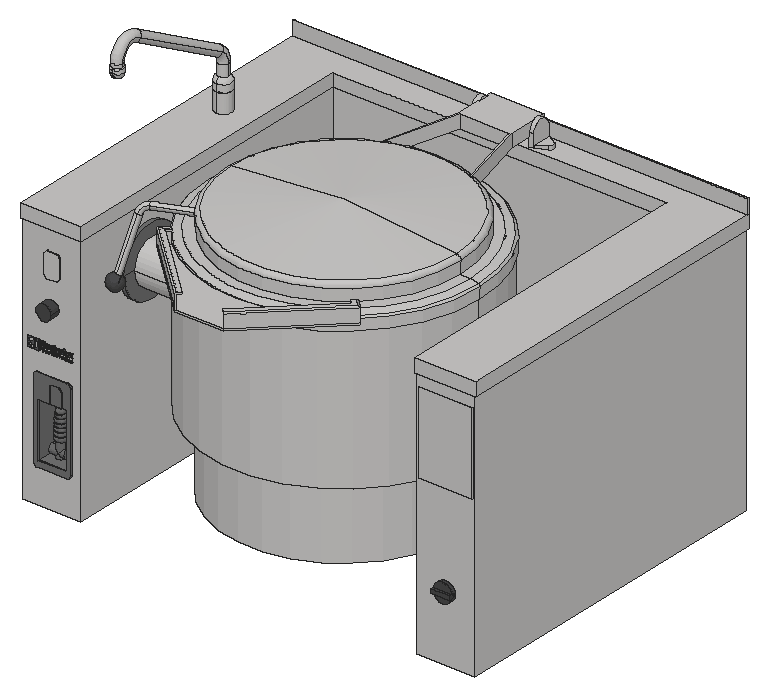
Revit family "QF_ELECTROLUXPROFESSIONAL_586941_PBOT10RLES", category Specialty Equipment, Revit 2018 (continued)
Automatic sketch dimensions
  Extrusion 23 sketch curve to Extrusion 23 sketch curve = 2.967 mm
  Extrusion 23 sketch curve to Extrusion 23 sketch curve = 1.662 mm
  Extrusion 23 sketch curve to Extrusion 23 sketch curve = 1.626 mm  (x3)
  Extrusion 23 sketch curve to Extrusion 23 sketch curve = 1.65 mm
  Extrusion 23 sketch curve to Extrusion 23 sketch curve = 1.192 mm
  Extrusion 23 sketch curve to Extrusion 23 sketch curve = 2.57 mm  (x2)
  Extrusion 23 sketch curve to Extrusion 23 sketch curve = 3.444 mm  (x2)
  Extrusion 23 sketch curve to Extrusion 23 sketch curve = 1.343 mm  (x2)
  Extrusion 23 sketch curve to Extrusion 23 sketch curve = 1.353 mm  (x2)
  Extrusion 23 sketch curve to Extrusion 23 sketch curve = 0.027 mm  (x2)
  Extrusion 23 sketch curve to Extrusion 23 sketch curve = 0.395 mm  (x2)
  Extrusion 23 sketch curve to Extrusion 23 sketch curve = 0.329 mm  (x2)
  Extrusion 23 sketch curve to Extrusion 23 sketch curve = 0.425 mm  (x2)
  Extrusion 23 sketch curve to Extrusion 23 sketch curve = 0.051 mm  (x2)
  Extrusion 23 sketch curve to Extrusion 23 sketch curve = 0.495 mm  (x2)
  Extrusion 23 sketch curve to Extrusion 23 sketch curve = 0.267 mm  (x2)
  Extrusion 23 sketch curve to Extrusion 23 sketch curve = 1.4 mm
  Extrusion 23 sketch curve to Extrusion 23 sketch curve = 5.233 mm
  Extrusion 23 sketch curve to Extrusion 23 sketch curve = 2.062 mm
  plane 3 "LEFT" to Extrusion 24 sketch curve = 43.4 mm
  Extrusion 24 sketch curve to Extrusion 24 sketch curve = 82 mm
  plane 7 to Extrusion 24 sketch curve = 105.944 mm
  Extrusion 24 sketch curve to Extrusion 24 sketch curve = 195 mm
  radius of Extrusion 4 sketch curve = 10 mm
  radius of Extrusion 15 sketch curve = 25 mm
  radius of curve 38 = 25 mm
  radius of Extrusion 17 sketch curve = 20 mm
  radius of Extrusion 20 sketch curve = 6.35 mm  (x2)
  radius of Extrusion 23 sketch curve = 2.453 mm
  radius of Extrusion 23 sketch curve = 1.557 mm
  radius of Extrusion 23 sketch curve = 1.468 mm
  radius of Extrusion 23 sketch curve = 2.451 mm
Nested families
  nested 1: "Electrolux_Handle" at (324.646, -653.285, 8.398) x (0.9205, 0.3907, 0) z (0, 0, 1), type "Family1"
  nested 2: "QF_ELECTROLUXPROFESSIONAL_RubSprint" at (80, -230.346, 900), type "QF_ELECTROLUXPROFESSIONAL_RubSprint"
  nested 3: "QF_ELECTROLUXPROFESSIONAL_SprayGun" at (80.4, -737, 291.944), type "QF_ELECTROLUXPROFESSIONAL_SprayGun"
Connectors
  piping at (110.571, 100, 395), diameter 12.7
    settings: on Extrusion 20, index 1, connector inside diameter 1/2", connector length 0 mm, flow factor 0, pipe flow 0 GPM, pressure drop 0.00 psi, fitting loss kfactor 0, connector angle 0.00°, fixture units 0, engagement length 0 mm, angle of deflection 0.00°, flow configuration 1, flow direction 1, fitting loss method 0, system type 20, joint type 0, gender type 0, connector reference index -1, connector utility 0, adjustable connector no, is connector primary yes, connector description "Cold Water Inlet"
  piping at (50, 100, 395), diameter 12.7
    settings: on Extrusion 20, index 2, connector inside diameter 1/2", connector length 0 mm, flow factor 0, pipe flow 0 GPM, pressure drop 0.00 psi, fitting loss kfactor 0, connector angle 0.00°, fixture units 0, engagement length 0 mm, angle of deflection 0.00°, flow configuration 1, flow direction 1, fitting loss method 0, system type 19, joint type 0, gender type 0, connector reference index -1, connector utility 0, adjustable connector no, is connector primary no, connector description "Hot Water Inlet"
  electrical at (1120, 100, 450), driven by "Volts"
    settings: on Extrusion 4, index 3, voltage 400 V, apparent load 18600 VA, apparent load phase1 0 VA, apparent load phase2 0 VA, apparent load phase3 0 VA, power factor 1, load classification "Other", number of poles 1, system type 30, power factor state 1, is connector primary yes, connector utility no, sub classification motor no, connector description "Electrical Connection"
Definition of nested family "Electrolux_Handle"
  Parameters
    Assembly Code = ""
  Reference planes
    plane 1 "Center (Front/Back)": y = 0
    plane 2: z = 0
    plane 3 "Center (Left/Right)": x = 0
  Forms (mm)
    Sweep 1, solid
      path origin (0, -272.67, 40.751) x (1, 0, 0) y (0, 0.292372, 0.956305)
        loop
          line (16.511, 924.614) -> (-78.489, 924.614)
          arc (-78.489, 924.614) -> (-94.127, 919.229) -> (-103.135, 905.359) r 25.4
          line (-103.135, 905.359) -> (-140.724, 754.597)
      profile origin (-30.989, -2.339, 924.963) x (0, -0.292372, -0.956305) y (0, -0.956305, 0.292372)
        loop
          circle (0, 0) r 8
    Revolve 2, solid
      sketch origin (0, -272.67, 40.751) x (1, 0, 0) y (0, 0.292372, 0.956305)
        loop
          arc (-160.764, 759.594) -> (-145.72, 734.557) -> (-120.683, 749.601) r 20.654
          line (-120.683, 749.601) -> (-160.764, 759.594)
        axis (-120.683, 749.601) -> (-160.764, 759.594)
      angle from 0 to 360
  Lines and regions (mm)
    symbolic lines
      curve 1: line (16.511, 5.661, 0) -> (-87.322, 5.661, 0)
      curve 2: line (16.511, -9.989, 0) -> (-86.193, -9.989, 0)
      curve 3: line (-133.697, -56.773, 0) -> (-97.513, -15.149, 0)
      curve 4: line (-146.568, -45.584, 0) -> (-111.666, -5.433, 0)
      curve 5: arc (-135.59, -32.955, 0) -> (-154.333, -67.194, 0) -> (-122.78, -44.215, 0) r 20
      curve 6: arc (-146.568, -45.584, 0) -> (-145.727, -57.614, 0) -> (-133.697, -56.773, 0) r 8.527
      curve 7: arc (-87.322, 5.661, 0) -> (-100.698, 2.757, 0) -> (-111.666, -5.433, 0) r 32.256
      curve 8: arc (-86.193, -9.989, 0) -> (-92.413, -11.34, 0) -> (-97.513, -15.149, 0) r 15
  Dimensions and locks
    aligned and locked: level to plane 2
    aligned and locked: Revolve 2 sketch curve to Sweep 1  (x2)
    aligned and locked: curve 1 to Sweep 1
    aligned and locked: Sweep 1 to curve 2
Definition of nested family "QF_ELECTROLUXPROFESSIONAL_RubSprint"
  Reference planes
    plane 1 "Center (Front/Back)": y = 0
    plane 2: z = 0
    plane 3 "Center (Left/Right)": x = 0
  Forms (mm)
    Revolve 1, solid
      sketch origin (0, 0, 0) x (0, 1, 0) y (0, 0, 1)
        loop
          line (-21, 0) -> (0, 0) -> (0, 82.75) -> (-14.385, 82.75)
          arc (-14.385, 82.75) -> (-19.409, 76.68) -> (-22.385, 69.383) r 26
          line (-22.385, 69.383) -> (-22.385, 51.306) -> (-21, 50.388) -> (-21, 0)
        axis (0, 82.75) -> (0, 0)
      angle from 0 to 360
    Sweep 2, solid
      path origin (0, 0, 0) x (0, 1, 0) y (0, 0, 1)
        loop
          line (0, 82.75) -> (0, 113.75)
          arc (0, 113.75) -> (-5.44, 133.889) -> (-20.279, 148.551) r 40
          line (-20.279, 148.551) -> (-290.279, 301.55)
          arc (-290.279, 301.55) -> (-330.139, 301.31) -> (-349.999, 266.749) r 40
          line (-349.999, 266.749) -> (-349.999, 257.884)
      profile origin (0, 0, 98.25) x (0, -1, 0) y (1, 0, 0)
        loop
          circle (0, 0) r 13.5
    Revolve 3, solid
      sketch origin (0, 0, 0) x (0, 1, 0) y (0, 0, 1)
        loop
          line (-333.717, 244.264) -> (-333.717, 254.236)
          arc (-333.717, 254.236) -> (-334.434, 255.758) -> (-335.779, 256.77) r 3.5
          line (-335.779, 256.77) -> (-336.499, 257.884) -> (-349.999, 257.884) -> (-349.999, 233.05) -> (-339.2, 233.05)
          arc (-339.2, 233.05) -> (-338.052, 233.411) -> (-337.32, 234.365) r 2
          line (-337.32, 234.365) -> (-333.717, 244.264)
        axis (-349.999, 257.884) -> (-349.999, 233.05)
      angle from 0 to 360
  Lines and regions (mm)
    symbolic lines
      curve 1: arc (-13.5, -17.856, 0) -> (0, 22.385, 0) -> (13.5, -17.856, 0) r 22.385
      curve 2: arc (-13.5, 0, 0) -> (0, 13.5, 0) -> (13.5, 0, 0) r 13.5
      curve 3: arc (-13.5, -349.999, 0) -> (0, -363.499, 0) -> (13.5, -349.999, 0) r 13.5
      curve 4: arc (-13.5, -340.897, 0) -> (0, -366.281, 0) -> (13.5, -340.897, 0) r 16.282
      curve 5: line (13.5, -349.999, 0) -> (13.5, 0, 0)
      curve 6: line (-13.5, -349.999, 0) -> (-13.5, 0, 0)
  Dimensions and locks
    aligned and locked: level to plane 2
Definition of nested family "QF_ELECTROLUXPROFESSIONAL_SprayGun"
  Reference planes
    plane 1 "Center (Front/Back)": y = 0
    plane 2: z = 0
    plane 3 "SGy": x = 13
    plane 4 "AxeZ": y = -45
    plane 5 "Center (Left/Right)": x = 4
    plane 6 "Center (Top/Right)": z = 112.5
  Forms (mm)
    Revolve 1, solid
      sketch origin (0, -45, 0) x (0, 0, 1) y (-1, 0, 0)
        loop
          line (73.98, -1.423) -> (33.98, -1.423) -> (33.98, -13) -> (151.7, -13) -> (151.7, -4.362)
          arc (151.7, -4.362) -> (147.093, -1.396) -> (141.64, -1.926) r 8.345
          arc (141.64, -1.926) -> (140.226, -2.024) -> (139.103, -1.16) r 2
          arc (139.103, -1.16) -> (138.832, -0.814) -> (138.493, -0.536) r 2
          arc (138.493, -0.536) -> (134.77, 0.557) -> (131.061, -0.581) r 6.745
          arc (131.061, -0.581) -> (129.812, -0.914) -> (128.62, -0.414) r 2
          arc (128.62, -0.414) -> (124.347, 1.338) -> (119.917, 0.035) r 6.972
          arc (119.917, 0.035) -> (118.79, -0.341) -> (117.648, -0.011) r 2
          arc (117.648, -0.011) -> (113.81, 1.188) -> (109.921, 0.166) r 7.275
          arc (109.921, 0.166) -> (108.725, -0.109) -> (107.594, 0.367) r 2
          arc (107.594, 0.367) -> (103.55, 1.928) -> (99.427, 0.587) r 6.475
          arc (99.427, 0.587) -> (98.262, 0.173) -> (97.076, 0.524) r 2
          arc (97.076, 0.524) -> (92.711, 1.941) -> (88.277, 0.758) r 8.094
          arc (88.277, 0.758) -> (87.212, 0.464) -> (86.153, 0.781) r 2
          arc (86.153, 0.781) -> (79.633, 2.075) -> (73.98, -1.423) r 9.075
        axis (151.7, -13) -> (33.98, -13)
      angle from 0 to 360
    Revolve 2, solid
      sketch origin (0, -45, 0) x (0, 0, 1) y (-1, 0, 0)
        loop
          line (47.58, 11.558) -> (40.98, 11.558) -> (40.98, 9.577) -> (35.98, 9.577) -> (35.98, -30.423) -> (40.98, -30.423) -> (40.98, -35.423) -> (47.58, -35.423) -> (47.58, 11.558)
        axis (47.58, 11.558) -> (47.58, -35.423)
      angle from 0 to 360
    Extrusion 3, solid
      sketch origin (0, -45, 0) x (1, 0, 0) y (0, 1, 0)
        loop
          line (21.638, 0) -> (17.319, 7.481) -> (8.681, 7.481) -> (4.362, 0) -> (8.681, -7.481) -> (17.319, -7.481) -> (21.638, 0)
      from 151.7 to 160.974
    Extrusion 4, solid
      sketch origin (0, 0, 0) x (1, 0, 0) y (0, 0, 1)
        loop
          arc (-45, 10) -> (-42.071, 2.929) -> (-35, 0) r 10
          line (-35, 0) -> (43, 0)
          arc (43, 0) -> (50.071, 2.929) -> (53, 10) r 10
          line (53, 10) -> (53, 215)
          arc (53, 215) -> (50.071, 222.071) -> (43, 225) r 10
          line (43, 225) -> (-35, 225)
          arc (-35, 225) -> (-42.071, 222.071) -> (-45, 215) r 10
          line (-45, 215) -> (-45, 10)
        loop
          line (-35, 162) -> (-35, 16) -> (43, 16) -> (43, 162) -> (29, 162) -> (29, 199)
          arc (29, 199) -> (26.657, 204.657) -> (21, 207) r 8
          line (21, 207) -> (5, 207)
          arc (5, 207) -> (-0.657, 204.657) -> (-3, 199) r 8
          line (-3, 199) -> (-3, 162) -> (-35, 162)
      from 63 to 60
    Extrusion 5, solid
      sketch origin (0, 0, 0) x (1, 0, 0) y (0, 0, 1)
        loop
          line (-35, 16) -> (43, 16) -> (43, 162) -> (29, 162) -> (29, 199)
          arc (29, 199) -> (26.657, 204.657) -> (21, 207) r 8
          line (21, 207) -> (5, 207)
          arc (5, 207) -> (-0.657, 204.657) -> (-3, 199) r 8
          line (-3, 199) -> (-3, 162) -> (-35, 162) -> (-35, 16)
        loop
          line (31, 164) -> (31, 199)
          arc (31, 199) -> (28.071, 206.071) -> (21, 209) r 10
          line (21, 209) -> (5, 209)
          arc (5, 209) -> (-2.071, 206.071) -> (-5, 199) r 10
          line (-5, 199) -> (-5, 164) -> (-37, 164) -> (-37, 14) -> (45, 14) -> (45, 164) -> (31, 164)
      from 0 to 60
    Extrusion 6, solid
      sketch origin (0, 0, 0) x (1, 0, 0) y (0, 0, 1)
        loop
          line (-37, 164) -> (-37, 14) -> (45, 14) -> (45, 164) -> (-37, 164)
      from 6 to 0
    Extrusion 7, solid
      sketch origin (0, 0, 0) x (1, 0, 0) y (0, 0, 1)
        loop
          line (28, 160.974) -> (28, 198)
          arc (28, 198) -> (25.657, 203.657) -> (20, 206) r 8
          line (20, 206) -> (6, 206)
          arc (6, 206) -> (0.343, 203.657) -> (-2, 198) r 8
          line (-2, 198) -> (-2, 160.974) -> (28, 160.974)
      from 0 to 63
  Dimensions and locks
    equal spacing: Extrusion 4, plane 5 "Center (Left/Right)", Extrusion 4
    Extrusion 4 to Extrusion 4 = 225 mm
    Extrusion 4 to Extrusion 4 = 98 mm
    aligned and locked: level to plane 2
  Automatic sketch dimensions
    plane 3 "SGy" to Revolve 1 sketch curve = 0 mm  (x2)
    plane 5 "Center (Left/Right)" to Revolve 1 sketch curve = 2.577 mm
    level to Revolve 1 sketch curve = 33.98 mm
    Revolve 1 sketch curve to Revolve 1 sketch curve = 40 mm
    Revolve 1 sketch curve to plane 5 "Center (Left/Right)" = 2.854 mm
    Revolve 1 sketch curve to Revolve 1 sketch curve = 7.27 mm
    Revolve 1 sketch curve to Revolve 1 sketch curve = 5.984 mm
    Revolve 1 sketch curve to plane 5 "Center (Left/Right)" = 2.15 mm
    Revolve 1 sketch curve to Revolve 1 sketch curve = 5.262 mm
    Revolve 1 sketch curve to Revolve 1 sketch curve = 5.712 mm
    Revolve 1 sketch curve to plane 5 "Center (Left/Right)" = 0.545 mm
    Revolve 1 sketch curve to Revolve 1 sketch curve = 5.167 mm
    Revolve 1 sketch curve to Revolve 1 sketch curve = 5.522 mm
    Revolve 1 sketch curve to plane 5 "Center (Left/Right)" = 2.085 mm
    Revolve 1 sketch curve to Revolve 1 sketch curve = 4.746 mm
    Revolve 1 sketch curve to Revolve 1 sketch curve = 5.106 mm
    Revolve 1 sketch curve to plane 5 "Center (Left/Right)" = 1.624 mm
    Revolve 1 sketch curve to Revolve 1 sketch curve = 5.239 mm
    Revolve 1 sketch curve to Revolve 1 sketch curve = 5.96 mm
    Revolve 1 sketch curve to plane 5 "Center (Left/Right)" = 2.187 mm
    Revolve 1 sketch curve to Revolve 1 sketch curve = 4.862 mm
    plane 5 "Center (Left/Right)" to Revolve 1 sketch curve = 1.788 mm
    Revolve 1 sketch curve to Revolve 1 sketch curve = 2.59 mm
    Revolve 1 sketch curve to Revolve 1 sketch curve = 3.403 mm
    plane 3 "SGy" to Revolve 1 sketch curve = 3.493 mm
    Revolve 1 sketch curve to Revolve 1 sketch curve = 4.325 mm
    Revolve 1 sketch curve to Revolve 1 sketch curve = 6.57 mm
    Revolve 1 sketch curve to plane 5 "Center (Left/Right)" = 0.362 mm
    plane 5 "Center (Left/Right)" to Revolve 1 sketch curve = 3.891 mm
    plane 5 "Center (Left/Right)" to Revolve 1 sketch curve = 5.081 mm
    plane 5 "Center (Left/Right)" to Revolve 1 sketch curve = 5.658 mm
    plane 5 "Center (Left/Right)" to Revolve 1 sketch curve = 5.884 mm
    plane 5 "Center (Left/Right)" to Revolve 1 sketch curve = 6.173 mm
    plane 5 "Center (Left/Right)" to Revolve 1 sketch curve = 6.464 mm
    Revolve 1 sketch curve to Revolve 1 sketch curve = 7.72 mm
    Revolve 1 sketch curve to Revolve 1 sketch curve = 0 mm  (x12)
    Revolve 1 sketch curve to Revolve 1 sketch curve = 1.57 mm
    Revolve 2 sketch curve to plane 3 "SGy" = 17.423 mm
    level to Revolve 2 sketch curve = 35.98 mm
    Revolve 2 sketch curve to Revolve 2 sketch curve = 5 mm  (x3)
    Revolve 2 sketch curve to Revolve 2 sketch curve = 6.6 mm
    plane 5 "Center (Left/Right)" to Revolve 2 sketch curve = 13.577 mm
    Revolve 2 sketch curve to Revolve 2 sketch curve = 1.981 mm
    Revolve 2 sketch curve to Revolve 2 sketch curve = 0 mm  (x2)
    Revolve 2 sketch curve to Revolve 2 sketch curve = 4.326 mm
    plane 4 "AxeZ" to Extrusion 3 sketch curve = 0 mm  (x2)
    Extrusion 3 sketch curve to plane 5 "Center (Left/Right)" = 0.362 mm
    plane 3 "SGy" to Extrusion 3 sketch curve = 4.319 mm  (x2)
    Extrusion 3 sketch curve to plane 3 "SGy" = 4.319 mm  (x2)
    Extrusion 3 sketch curve to Extrusion 3 sketch curve = 4.319 mm
    plane 4 "AxeZ" to Extrusion 3 sketch curve = 7.481 mm
    Extrusion 3 sketch curve to plane 4 "AxeZ" = 7.481 mm
    Extrusion 4 sketch curve to level = 0 mm
    level to Extrusion 4 sketch curve = 10 mm
    plane 5 "Center (Left/Right)" to Extrusion 4 sketch curve = 49 mm
    Extrusion 4 sketch curve to Extrusion 4 sketch curve = 10 mm  (x2)
    Extrusion 4 sketch curve to Extrusion 4 sketch curve = 0 mm  (x3)
    plane 5 "Center (Left/Right)" to Extrusion 4 sketch curve = 7 mm
    Extrusion 4 sketch curve to plane 5 "Center (Left/Right)" = 1 mm
    Extrusion 4 sketch curve to plane 3 "SGy" = 8 mm
    Extrusion 4 sketch curve to plane 3 "SGy" = 16 mm
    Extrusion 4 sketch curve to Extrusion 4 sketch curve = 14 mm  (x2)
    Extrusion 4 sketch curve to Extrusion 4 sketch curve = 6 mm
    Extrusion 4 sketch curve to Extrusion 4 sketch curve = 146 mm
    Extrusion 4 sketch curve to Extrusion 4 sketch curve = 37 mm
    Extrusion 4 sketch curve to Extrusion 4 sketch curve = 16 mm
    Extrusion 5 sketch curve to Extrusion 5 sketch curve = 0 mm  (x5)
    level to Extrusion 5 sketch curve = 14 mm
    plane 5 "Center (Left/Right)" to Extrusion 5 sketch curve = 41 mm
    Extrusion 5 sketch curve to Extrusion 5 sketch curve = 2 mm  (x6)
    plane 5 "Center (Left/Right)" to Extrusion 5 sketch curve = 9 mm
    Extrusion 5 sketch curve to plane 5 "Center (Left/Right)" = 1 mm
    Extrusion 5 sketch curve to plane 3 "SGy" = 8 mm
    Extrusion 5 sketch curve to Extrusion 5 sketch curve = 8 mm
    Extrusion 5 sketch curve to plane 3 "SGy" = 30 mm
    Extrusion 5 sketch curve to Extrusion 5 sketch curve = 146 mm
    Extrusion 5 sketch curve to Extrusion 5 sketch curve = 35 mm
    level to Extrusion 6 sketch curve = 14 mm
    plane 5 "Center (Left/Right)" to Extrusion 6 sketch curve = 41 mm
    Extrusion 6 sketch curve to plane 3 "SGy" = 32 mm
    Extrusion 6 sketch curve to Extrusion 6 sketch curve = 150 mm
    plane 5 "Center (Left/Right)" to Extrusion 7 sketch curve = 6 mm
    Extrusion 7 sketch curve to plane 5 "Center (Left/Right)" = 2 mm
    Extrusion 7 sketch curve to plane 3 "SGy" = 7 mm
    Extrusion 7 sketch curve to plane 3 "SGy" = 15 mm
    level to Extrusion 7 sketch curve = 160.974 mm
    Extrusion 7 sketch curve to Extrusion 7 sketch curve = 37.026 mm
